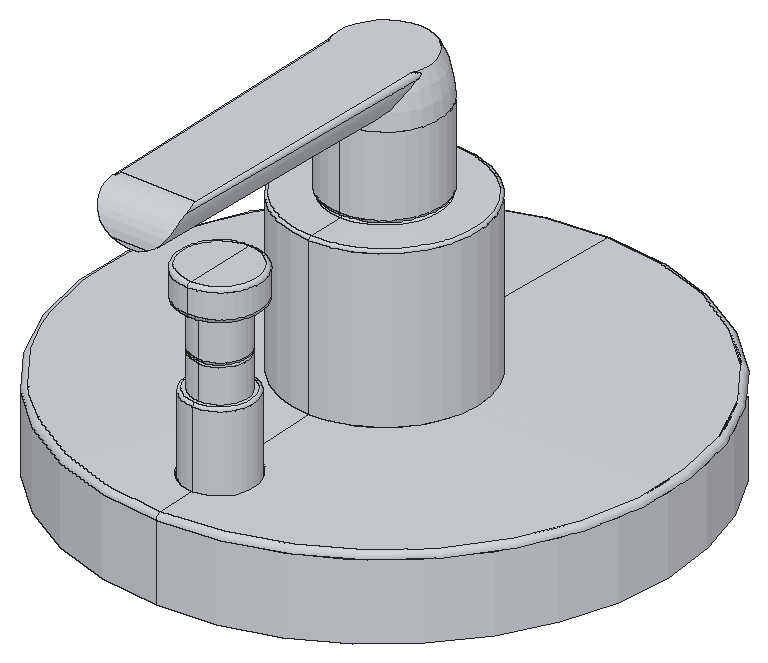
Revit family "Shower-Valve_Trim-KOHLER-Avid-K-T97019", category Specialty Equipment, host Face, Revit 2017
Family settings
  Host = Face
  Round Connector Dimension = Use Diameter
  Part Type = Normal
  OmniClass Number = 23.31.25.00
  OmniClass Title = Toilet and Bath Specialties
  Cut with Voids When Loaded = No
  Shared = No
  Room Calculation Point = No
Parameters (values of type "CP-Polished Chrome")
  Width = 6 3/8"  # constant formula
  WaterSense Certified = 1 = 0  # no
  URL = "https://www.us.kohler.com/us/"
  Type = 1
  Product Page URL = "http://www.us.kohler.com/us/catalog/productDetails.jsp?productId=T97019-4"
  Product Name = "Avid"  # constant formula
  Product Documentation Link = "https://www.us.kohler.com/webassets/kpna/catalog/pdf/en/K-T97019-4_spec.pdf"
  Model = if(Type = 1, "K-T97019-4-CP", if(Type = 2, "K-T97019-4-BN", "NA"))  # "K-T97019-4-CP"
  Material = "Premium Metal Construction"  # constant formula
  Master Format 2014 Name = "Toilet, Bath, and Laundry Accessories"  # constant formula
  Master Format 2014 = "10 28 00"  # constant formula
  Manufacturer Address = "444 Highland Dr, Kohler, WI 53044"  # constant formula
  Manufacturer = "KOHLER Co."  # constant formula
  Length = 4 3/16"  # constant formula
  Height = 6 3/8"  # constant formula
  Handle Clearance = 3 9/16"  # constant formula
  Finish = Kohler-Metal-CP-Polished_Chrome
  Environmental Product Declaration = ""
  Description = "Rite-Temp valve trim with push-button diverter and lever handle"  # constant formula
  Default Elevation = 42"
  Declare Label = ""
  Date Modified = "05/19/2020"  # constant formula
  Date Created = "05/19/2020"  # constant formula
  Copyright = "Copyright KOHLER Co."  # constant formula
  Contact Us = "https://www.us.kohler.com/us/static/contact.jsp"
  Assembly Code = "C1030200"
  ADA Compliant = 1 = 1  # yes
Types (3): name | Type | Model | Finish
  (no name) | 1 | "K-T97019-4-CP" | Kohler-Metal-CP-Polished_Chrome
  CP-Polished Chrome | 1 | "K-T97019-4-CP" | Kohler-Metal-CP-Polished_Chrome
  BN-Vibrant Brushed Nickel | 2 | "K-T97019-4-BN" | Kohler-Metal-BN-Vibrant_Brushed_Nickel
Reference planes (in)
  plane 1 "Center (Front/Back)": y = 0
  plane 2: z = 0
  plane 3 "Center (Left/Right)": x = 0
  plane 4: x = -3.1875
  plane 5: x = 3.1875
  plane 6: y = 3.1875
  plane 7: y = -3.1875
  plane 8: y = -3.5625
  plane 9: z = 4.1875
Dimensions and locks (in)
  "Width": plane 4 to plane 5
  "Height": plane 6 to plane 7
  "Length": level to plane 9
  "Handle Clearance": plane 1 "Center (Front/Back)" to plane 8
  aligned and locked: plane 2 to host face
  aligned and locked: level to host face
  aligned and locked: plane 3 "Center (Left/Right)" to nested 1
  aligned and locked: plane 1 "Center (Front/Back)" to nested 1
Automatic sketch dimensions
  host sketch curve to host sketch curve = 96"  (x2)
Nested families (in)
  nested 1: "K-T97019" at (0, 0, 0), type "K-T97019"
Definition of nested family "K-T97019"
  Parameters (values of type "K-T97019")
    Material = none
  Reference planes (in)
    plane 1 "Center (Front/Back)": y = 0
    plane 2: z = 0
    plane 3 "Center (Left/Right)": x = 0
    plane 4: x = -3.1875
    plane 5: x = 3.1875
    plane 6: y = 3.1875
    plane 7: y = -3.1875
    plane 8: y = -3.5625
    plane 9: z = 4.1875
  Forms (in)
    Revolve 1, solid, material <- "Material", detail levels medium+fine
      sketch origin (0, 0, 0) x (0, 1, 0) y (0, 0, 1)
        loop
          line (3.1875, 0) -> (3.1875, 0.84629)
          arc (3.1875, 0.84629) -> (3.1688, 0.89241) -> (3.12325, 0.91248) r 0.06622
          line (3.12325, 0.91248) -> (1.05069, 0.97436) -> (1.05069, 2.71697)
          arc (1.05069, 2.71697) -> (1.04161, 2.73914) -> (1.0196, 2.74859) r 0.03163
          line (1.0196, 2.74859) -> (0.61191, 2.75567)
          arc (0.61191, 2.75567) -> (0.57751, 2.76422) -> (0.55029, 2.78693) r 0.07909
          line (0.55029, 2.78693) -> (0.60369, 2.78693)
          arc (0.60369, 2.78693) -> (0.61947, 2.79346) -> (0.626, 2.80924) r 0.02231
          line (0.626, 2.80924) -> (0.626, 3.69719)
          arc (0.626, 3.69719) -> (0.59502, 3.94983) -> (0.50391, 4.1875) r 1.04556
          line (0.50391, 4.1875) -> (0, 4.1875) -> (0, 0) -> (3.1875, 0)
        axis (0, 0) -> (0, 4.1875)
      angle from 0 to 360
    Revolve 2, solid, material <- "Material", detail levels medium+fine
      sketch origin (0, 0, 0) x (0, 1, 0) y (0, 0, 1)
        loop
          line (-2.3, 3.035) -> (-2.3, 0.87421) -> (-1.9251, 0.87421) -> (-1.9251, 1.7611)
          arc (-1.9251, 1.7611) -> (-1.93374, 1.78195) -> (-1.95459, 1.79059) r 0.02949
          line (-1.95459, 1.79059) -> (-1.99963, 1.79059) -> (-1.99963, 2.16423)
          arc (-1.99963, 2.16423) -> (-2.00572, 2.17892) -> (-2.02041, 2.185) r 0.02077
          arc (-2.02041, 2.185) -> (-2.00572, 2.19108) -> (-1.99963, 2.20577) r 0.02077
          line (-1.99963, 2.20577) -> (-1.99963, 2.64628)
          arc (-1.99963, 2.64628) -> (-1.98829, 2.67366) -> (-1.96091, 2.685) r 0.03872
          line (-1.96091, 2.685) -> (-1.8915, 2.685)
          arc (-1.8915, 2.685) -> (-1.86209, 2.69718) -> (-1.84991, 2.72659) r 0.04159
          line (-1.84991, 2.72659) -> (-1.84991, 2.9944)
          arc (-1.84991, 2.9944) -> (-1.86181, 3.02311) -> (-1.89051, 3.035) r 0.0406
          line (-1.89051, 3.035) -> (-2.3, 3.035)
        axis (-2.3, 3.035) -> (-2.3, 0.87421)
      angle from 0 to 360
    Blend 3, solid, material <- "Material", detail levels medium+fine
      base sketch origin (0, 0, 0) x (1, 0, 0) y (0, 0, 1)
        loop
          line (0.41472, 4.1875) -> (-0.41472, 4.1875)
          arc (-0.41472, 4.1875) -> (-0.43687, 4.17785) -> (-0.44488, 4.15506) r 0.03024
          arc (-0.44488, 4.15506) -> (-0.30352, 3.86062) -> (0.00058, 3.74144) r 0.44606
          arc (0.00058, 3.74144) -> (0.30394, 3.86101) -> (0.44488, 4.15506) r 0.44606
          arc (0.44488, 4.15506) -> (0.43687, 4.17785) -> (0.41472, 4.1875) r 0.03024
      top sketch origin (0, 0, 0) x (1, 0, 0) y (0, 0, 1)
        loop
          arc (0, 3.71216) -> (0.33957, 3.81868) -> (0.51082, 4.13066) r 0.47686
          arc (0.51082, 4.13066) -> (0.49839, 4.17042) -> (0.4604, 4.1875) r 0.05078
          line (0.4604, 4.1875) -> (-0.4611, 4.1875)
          arc (-0.4611, 4.1875) -> (-0.4986, 4.17066) -> (-0.51091, 4.13144) r 0.05016
          arc (-0.51091, 4.13144) -> (-0.33987, 3.81893) -> (0, 3.71216) r 0.47686
      from 3.96503 to 0
    Extrusion 4, void
      sketch origin (0, 0, 0) x (0, 1, 0) y (0, 0, 1)
        loop
          line (-3.5625, 3.51334) -> (-3.5625, 3.78629)
          arc (-3.5625, 3.78629) -> (-3.44499, 4.06999) -> (-3.16129, 4.1875) r 0.40121
          line (-3.16129, 4.1875) -> (-2.85052, 4.1875) -> (-2.85052, 4.56411) -> (-4.20669, 4.56411) -> (-4.20669, 3.51334) -> (-3.5625, 3.51334)
      from -0.86306 to 1.0426
    Revolve 5, void
      sketch origin (0, 0, -0.00781) x (0, 1, 0) y (0, 0, 1)
        loop
          line (-1.89891, 0.90804) -> (-1.89891, 0.99155) -> (-2.29864, 0.97976) -> (-2.29864, 0.89714) -> (-1.89891, 0.90804)
        axis (-2.29864, 0.89714) -> (-2.29864, 0.99155)
      angle from 0 to 360
    Revolve 6, solid, material <- "Material", detail levels coarse
      sketch origin (0, 0, 0) x (0, 1, 0) y (0, 0, 1)
        loop
          line (3.1875, 0) -> (3.1875, 0.91131) -> (1.05069, 0.97436) -> (1.05069, 2.74816) -> (0.626, 2.75557) -> (0.626, 4.1875) -> (0, 4.1875) -> (0, 0) -> (3.1875, 0)
        axis (0, 0) -> (0, 4.1875)
      angle from 0 to 360
    Revolve 7, solid, material <- "Material", detail levels coarse
      sketch origin (0, 0, 0) x (0, 1, 0) y (0, 0, 1)
        loop
          line (-1.84989, 2.68502) -> (-1.84989, 3.03504) -> (-2.30008, 3.03504) -> (-2.30008, 0.83443) -> (-1.92562, 0.83443) -> (-1.92562, 1.79059) -> (-1.99963, 1.79059) -> (-1.99963, 2.68502) -> (-1.84989, 2.68502)
        axis (-2.30008, 3.03504) -> (-2.30008, 0.83443)
      angle from 0 to 360
    Extrusion 8, solid, material <- "Material", detail levels coarse
      sketch origin (0, 0, 0) x (1, 0, 0) y (0, 0, 1)
        loop
          line (-0.626, 4.1875) -> (-0.626, 3.71878) -> (0.626, 3.71878) -> (0.626, 4.1875) -> (-0.626, 4.1875)
      from 0 to 3.5625
  Cuts and joins
    Revolve 5 cuts Revolve 1
    Extrusion 4 cuts Blend 3
    joined: Revolve 1, Revolve 2, Blend 3
    joined: Revolve 6, Revolve 7, Extrusion 8
  Lines and regions (in)
    Masking region 1
      outline origin (0, 0, 0) x (0, 1, 0) y (0, 0, 1)
        loop
          line (3.1875, 0) -> (3.1875, 0.84415)
          arc (3.1875, 0.84415) -> (3.16795, 0.89233) -> (3.12036, 0.91329) r 0.06918
          line (3.12036, 0.91329) -> (1.05069, 0.97436) -> (1.05069, 2.71783)
          arc (1.05069, 2.71783) -> (1.04183, 2.73946) -> (1.02036, 2.74869) r 0.03087
          line (1.02036, 2.74869) -> (0.60993, 2.75585)
          arc (0.60993, 2.75585) -> (0.57644, 2.76436) -> (0.55029, 2.78693) r 0.0753
          line (0.55029, 2.78693) -> (0.60484, 2.78693)
          arc (0.60484, 2.78693) -> (0.6198, 2.79313) -> (0.626, 2.80809) r 0.02116
          line (0.626, 2.80809) -> (0.626, 3.71242)
          arc (0.626, 3.71242) -> (0.59983, 3.9451) -> (0.52263, 4.16616) r 1.04751
          arc (0.52263, 4.16616) -> (0.50874, 4.18172) -> (0.48869, 4.1875) r 0.03765
          line (0.48869, 4.1875) -> (-3.1635, 4.1875)
          arc (-3.1635, 4.1875) -> (-3.44564, 4.07064) -> (-3.5625, 3.7885) r 0.399
          line (-3.5625, 3.7885) -> (-3.5625, 3.73846) -> (-0.93228, 3.71905)
          arc (-0.93228, 3.71905) -> (-0.71557, 3.62787) -> (-0.626, 3.4105) r 0.30855
          line (-0.626, 3.4105) -> (-0.626, 2.80809)
          arc (-0.626, 2.80809) -> (-0.6198, 2.79313) -> (-0.60484, 2.78693) r 0.02116
          line (-0.60484, 2.78693) -> (-0.55029, 2.78693)
          arc (-0.55029, 2.78693) -> (-0.57644, 2.76436) -> (-0.60993, 2.75585) r 0.0753
          line (-0.60993, 2.75585) -> (-1.02036, 2.74869)
          arc (-1.02036, 2.74869) -> (-1.04183, 2.73946) -> (-1.05069, 2.71783) r 0.03087
          line (-1.05069, 2.71783) -> (-1.05069, 0.97436) -> (-1.92562, 0.94855) -> (-1.92562, 1.76412)
          arc (-1.92562, 1.76412) -> (-1.93337, 1.78284) -> (-1.95209, 1.79059) r 0.02647
          line (-1.95209, 1.79059) -> (-1.99963, 1.79059) -> (-1.99963, 2.16407)
          arc (-1.99963, 2.16407) -> (-2.00576, 2.17887) -> (-2.02057, 2.185) r 0.02093
          arc (-2.02057, 2.185) -> (-2.00576, 2.19113) -> (-1.99963, 2.20593) r 0.02093
          line (-1.99963, 2.20593) -> (-1.99963, 2.64429)
          arc (-1.99963, 2.64429) -> (-1.9877, 2.67309) -> (-1.9589, 2.68502) r 0.04073
          line (-1.9589, 2.68502) -> (-1.89102, 2.68502)
          arc (-1.89102, 2.68502) -> (-1.86193, 2.69707) -> (-1.84989, 2.72616) r 0.04114
          line (-1.84989, 2.72616) -> (-1.84989, 2.99505)
          arc (-1.84989, 2.99505) -> (-1.8616, 3.02333) -> (-1.88988, 3.03504) r 0.03999
          line (-1.88988, 3.03504) -> (-2.21658, 3.03504) -> (-2.71012, 3.03504)
          arc (-2.71012, 3.03504) -> (-2.7384, 3.02333) -> (-2.75011, 2.99505) r 0.03999
          line (-2.75011, 2.99505) -> (-2.75011, 2.72616)
          arc (-2.75011, 2.72616) -> (-2.73807, 2.69707) -> (-2.70898, 2.68502) r 0.04114
          line (-2.70898, 2.68502) -> (-2.6411, 2.68502)
          arc (-2.6411, 2.68502) -> (-2.6123, 2.67309) -> (-2.60037, 2.64429) r 0.04073
          line (-2.60037, 2.64429) -> (-2.60037, 2.20593)
          arc (-2.60037, 2.20593) -> (-2.59424, 2.19113) -> (-2.57943, 2.185) r 0.02093
          arc (-2.57943, 2.185) -> (-2.59424, 2.17887) -> (-2.60037, 2.16407) r 0.02093
          line (-2.60037, 2.16407) -> (-2.60037, 1.79059) -> (-2.64791, 1.79059)
          arc (-2.64791, 1.79059) -> (-2.66663, 1.78284) -> (-2.67438, 1.76412) r 0.02647
          line (-2.67438, 1.76412) -> (-2.67438, 0.92645) -> (-3.12036, 0.91329)
          arc (-3.12036, 0.91329) -> (-3.16795, 0.89233) -> (-3.1875, 0.84415) r 0.06918
          line (-3.1875, 0.84415) -> (-3.1875, 0) -> (3.1875, 0)
    Masking region 2
      outline origin (0, 0, 0) x (1, 0, 0) y (0, 0, 1)
        loop
          line (1.05069, 0.97436) -> (1.05069, 2.71629)
          arc (1.05069, 2.71629) -> (1.04132, 2.73917) -> (1.01861, 2.74893) r 0.03265
          line (1.01861, 2.74893) -> (0.60962, 2.75607)
          arc (0.60962, 2.75607) -> (0.57615, 2.76452) -> (0.5499, 2.78693) r 0.07577
          line (0.5499, 2.78693) -> (0.60304, 2.78693)
          arc (0.60304, 2.78693) -> (0.61929, 2.79366) -> (0.62602, 2.80991) r 0.02298
          line (0.62602, 2.80991) -> (0.62602, 3.71304)
          arc (0.62602, 3.71304) -> (0.59858, 3.94552) -> (0.51779, 4.16522) r 0.99876
          arc (0.51779, 4.16522) -> (0.50279, 4.18149) -> (0.48149, 4.1875) r 0.04071
          line (0.48149, 4.1875) -> (-0.48149, 4.1875)
          arc (-0.48149, 4.1875) -> (-0.50279, 4.18149) -> (-0.51779, 4.16522) r 0.04071
          arc (-0.51779, 4.16522) -> (-0.59858, 3.94552) -> (-0.62602, 3.71304) r 0.99876
          line (-0.62602, 3.71304) -> (-0.62602, 2.80991)
          arc (-0.62602, 2.80991) -> (-0.61929, 2.79366) -> (-0.60304, 2.78693) r 0.02298
          line (-0.60304, 2.78693) -> (-0.5499, 2.78693)
          arc (-0.5499, 2.78693) -> (-0.57615, 2.76452) -> (-0.60962, 2.75607) r 0.07577
          line (-0.60962, 2.75607) -> (-1.01861, 2.74893)
          arc (-1.01861, 2.74893) -> (-1.04132, 2.73917) -> (-1.05069, 2.71629) r 0.03265
          line (-1.05069, 2.71629) -> (-1.05069, 0.97436) -> (-3.12378, 0.91194)
          arc (-3.12378, 0.91194) -> (-3.16895, 0.89203) -> (-3.1875, 0.84628) r 0.06569
          line (-3.1875, 0.84628) -> (-3.1875, 0) -> (3.1875, 0) -> (3.1875, 0.84628)
          arc (3.1875, 0.84628) -> (3.16895, 0.89203) -> (3.12378, 0.91194) r 0.06569
          line (3.12378, 0.91194) -> (1.05069, 0.97436)
    Masking region 3
      outline origin (0, 0, 0) x (1, 0, 0) y (0, 1, 0)
        loop
          arc (0.4595, -3.15421) -> (0, 3.1875) -> (-0.4595, -3.15421) r 3.1875
          line (-0.4595, -3.15421) -> (-0.44999, -3.40536)
          arc (-0.44999, -3.40536) -> (-0.40007, -3.51683) -> (-0.28679, -3.5625) r 0.16332
          line (-0.28679, -3.5625) -> (0.28679, -3.5625)
          arc (0.28679, -3.5625) -> (0.40007, -3.51683) -> (0.44999, -3.40536) r 0.16332
          line (0.44999, -3.40536) -> (0.4595, -3.15421)
    symbolic lines, detail levels medium+fine
      curve 1: line (0, 1.05069, 0.97436) -> (0, -1.05069, 0.97436)
      curve 2: line (0, -1.92562, 0.94855) -> (0, -2.67438, 0.92645)
      curve 3: line (0, -1.99963, 1.79059) -> (0, -2.60037, 1.79059)
      curve 4: line (0, -2.02057, 2.185) -> (0, -2.57959, 2.185)
      curve 5: line (0, -1.9589, 2.68502) -> (0, -2.6411, 2.68502)
      curve 6: line (0, 0.55029, 2.78693) -> (0, -0.55029, 2.78693)
      curve 7: line (0, 0.60993, 2.75585) -> (0, -0.60993, 2.75585)
      curve 8: line (1.05069, 0, 0.97436) -> (-1.05069, 0, 0.97436)
      curve 9: line (0.5499, 0, 2.78693) -> (-0.5499, 0, 2.78693)
      curve 10: line (0.60962, 0, 2.75607) -> (-0.60962, 0, 2.75607)
      curve 11: arc (0, 1.05069, 0) -> (-1.01981, 0.25284, 0) -> (-0.49083, -0.92899, 0) r 1.05069
      curve 12: arc (0.49083, -0.92899, 0) -> (1.01981, 0.25284, 0) -> (0, 1.05069, 0) r 1.05069
      curve 13: arc (0, 0.50391, 0) -> (-0.35631, 0.35631, 0) -> (-0.50391, 0, 0) r 0.50391
      curve 14: arc (0.50391, 0, 0) -> (0.35631, 0.35631, 0) -> (0, 0.50391, 0) r 0.50391
      curve 15: line (-0.4595, -3.15421, 0) -> (-0.50391, 0, 0)
      curve 16: line (0.4595, -3.15421, 0) -> (0.50391, 0, 0)
      curve 17: arc (0.49868, -0.37096, 0) -> (0, 0.62153, 0) -> (-0.49868, -0.37096, 0) r 0.62153
  Dimensions and locks (in)
    plane 8 to plane 1 "Center (Front/Back)" = 3 9/16"
    plane 9 to level = 4 3/16"
    plane 4 to plane 5 = 6 3/8"
    aligned and locked: plane 2 to level
